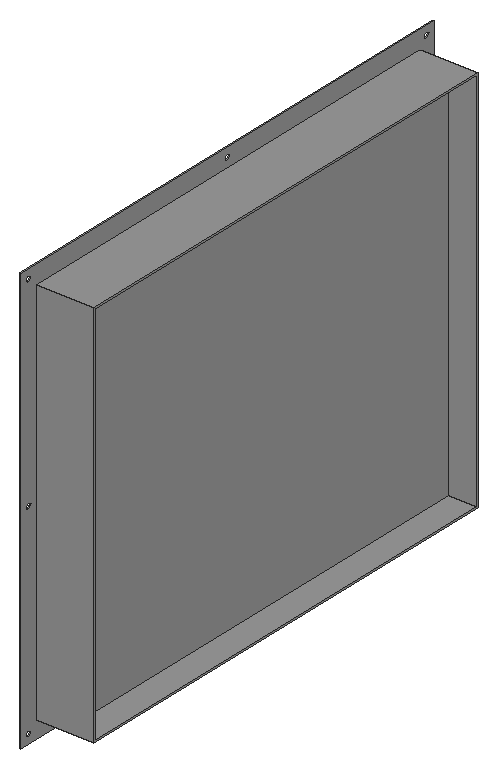
Revit family "КРД_Eng", category Duct Accessories, Revit 2021
Family settings
  Round Connector Dimension = Use Diameter
  Part Type = Attaches To
  Work Plane-Based = No
  Always vertical = Yes
  Cut with Voids When Loaded = No
  Shared = No
Parameters (values of type "KRD-1-800х650")
  With right flange = no
  Width = B  # 800 mm
  Pressure_Static_Air [instance] = 0.0 Pa
  Maximum Air Flow = 0.0 L/s
  Load Classification = "HVAC"
  Length = L  # 100 mm
  L = 100 mm  # constant formula
  Height = H  # 650 mm
  H = 650 mm
  Default Elevation = 0 mm
  Manufacturer = "Vents"  # constant formula
  p1 = H / 2 - H / 10  # 260 mm
  a1 = if(H > 500 mm, 30 mm, 20 mm)  # 30 mm
  a = if(H > 500 mm, 15 mm, 10 mm)  # 15 mm
  URL = "https://ventilation-system.com/series/krd"
  Maintenance zone material = none
  Hole = not(and(H < 400 mm, B < 400 mm))  # yes
  Casing Material = Steel, galvanized
  B = 800 mm
  Air Flow [instance] = 0.0 L/s
  09_System_Name [instance] = ""
  00_20_Type = "KRD-1-800х650"
  00_20_Name = "Pressure control valve"  # constant formula
  00_20_Manufacturer = "Vents"  # constant formula
Types (26, lengths in mm): name | With right flange | Width | Height | H | p1 | a1 | a | Hole | B | 00_20_Type
  (no name) | no | 800 | 650 | 650 | 260 | 30 | 15 | yes | 800 | "KRD-1-800х650"
  KRD-1-1000х1000 | no | 1000 | 1000 | 1000 | 400 | 30 | 15 | yes | 1000 | "KRD-1-1000х1000"
  KRD-1-425х425 | no | 425 | 425 | 425 | 170 | 20 | 10 | yes | 425 | "KRD-1-425х425"
  KRD-1-300х300 | no | 300 | 300 | 300 | 120 | 20 | 10 | no | 300 | "KRD-1-300х300"
  KRD-1-550х550 | no | 550 | 550 | 550 | 220 | 30 | 15 | yes | 550 | "KRD-1-550х550"
  KRD-1-600х175 | no | 600 | 175 | 175 | 70 | 20 | 10 | yes | 600 | "KRD-1-600х175"
  KRD-1-700х300 | no | 700 | 300 | 300 | 120 | 20 | 10 | yes | 700 | "KRD-1-700х300"
  KRD-1-800х800 | no | 800 | 800 | 800 | 320 | 30 | 15 | yes | 800 | "KRD-1-800х800"
  KRD-1-900х900 | no | 900 | 900 | 900 | 360 | 30 | 15 | yes | 900 | "KRD-1-900х900"
  KRD-1-200х300 | no | 200 | 300 | 300 | 120 | 20 | 10 | no | 200 | "KRD-1-200х300"
  KRD-1-300х175 | no | 300 | 175 | 175 | 70 | 20 | 10 | no | 300 | "KRD-1-300х175"
  KRD-1-675х675 | no | 675 | 675 | 675 | 270 | 30 | 15 | yes | 675 | "KRD-1-675х675"
  KRD-1-800х650 | no | 800 | 650 | 650 | 260 | 30 | 15 | yes | 800 | "KRD-1-800х650"
  KRD-1-200х200 | no | 200 | 200 | 200 | 80 | 20 | 10 | no | 200 | "KRD-1-200х200"
  KRD-2-200х200 | yes | 200 | 200 | 200 | 80 | 20 | 10 | no | 200 | "KRD-2-200х200"
  KRD-2-300х300 | yes | 300 | 300 | 300 | 120 | 20 | 10 | no | 300 | "KRD-2-300х300"
  KRD-2-400х400 | yes | 400 | 400 | 400 | 160 | 20 | 10 | yes | 400 | "KRD-2-400х400"
  KRD-1-400х400 | no | 400 | 400 | 400 | 160 | 20 | 10 | yes | 400 | "KRD-1-400х400"
  KRD-2-500х500 | yes | 500 | 500 | 500 | 200 | 20 | 10 | yes | 500 | "KRD-2-500х500"
  KRD-1-500х500 | no | 500 | 500 | 500 | 200 | 20 | 10 | yes | 500 | "KRD-1-500х500"
  KRD-2-600х600 | yes | 600 | 600 | 600 | 240 | 30 | 15 | yes | 600 | "KRD-2-600х600"
  KRD-1-600х600 | no | 600 | 600 | 600 | 240 | 30 | 15 | yes | 600 | "KRD-1-600х600"
  KRD-1-700х700 | no | 700 | 700 | 700 | 280 | 30 | 15 | yes | 700 | "KRD-1-700х700"
  KRD-2-700х700 | yes | 700 | 700 | 700 | 280 | 30 | 15 | yes | 700 | "KRD-2-700х700"
  KRD-2-800х800 | yes | 800 | 800 | 800 | 320 | 30 | 15 | yes | 800 | "KRD-2-800х800"
  KRD-2-900х900 | yes | 900 | 900 | 900 | 360 | 30 | 15 | yes | 900 | "KRD-2-900х900"
Reference planes
  plane 1 "По центру (Вперед/Назад)": y = 0
  plane 2: z = 0
  plane 3 "По центру (Влево/Вправо)": x = 0
  plane 4: y = 400
  plane 5: y = -400
  plane 6: z = 325
  plane 7: z = -325
  plane 8: y = 415
  plane 9: y = -415
  plane 10: z = 340
  plane 11: z = -340
Forms (mm)
  Extrusion 1, solid, material "Steel, galvanized" <- "Casing Material"
    sketch origin (0, 0, 0) x (0, 1, 0) y (0, 0, 1)
      loop
        line (400, 325) -> (-400, 325) -> (-400, -325) -> (400, -325) -> (400, 325)
      loop
        line (398, 323) -> (-398, 323) -> (-398, -323) -> (398, -323) -> (398, 323)
    from -50 to 50
  Extrusion 2, solid, material "Steel, galvanized" <- "Casing Material"
    sketch origin (0, 0, 0) x (0, 1, 0) y (0, 0, 1)
      loop
        line (400, 325) -> (-400, 325) -> (-400, -325) -> (400, -325) -> (400, 325)
      loop
        line (430, 355) -> (-430, 355) -> (-430, -355) -> (430, -355) -> (430, 355)
      loop
        circle (415, 340) r 5
      loop
        circle (-415, 340) r 5
      loop
        circle (-415, -340) r 5
      loop
        circle (415, -340) r 5
    from -50 to -48
  Extrusion 3, solid, material "Steel, galvanized" <- "Casing Material", visible <- "With right flange"
    sketch origin (0, 0, 0) x (0, 1, 0) y (0, 0, 1)
      loop
        line (400, -325) -> (400, 325) -> (-400, 325) -> (-400, -325) -> (400, -325)
      loop
        line (430, -355) -> (430, 355) -> (-430, 355) -> (-430, -355) -> (430, -355)
      loop
        circle (415, 340) r 5
      loop
        circle (-415, 340) r 5
      loop
        circle (415, -340) r 5
      loop
        circle (-415, -340) r 5
    from 48 to 50
  Extrusion 4, solid, material "Steel, galvanized" <- "Casing Material"
    sketch origin (0, 0, 0) x (0, 1, 0) y (0, 0, 1)
      loop
        line (398, 323) -> (-398, 323) -> (-398, -323) -> (398, -323) -> (398, 323)
    from -2 to 2
  Extrusion 5, void
    sketch origin (0, 0, 0) x (0, 1, 0) y (0, 0, 1)
      loop
        circle (415, 0) r 5
      loop
        circle (0, 340) r 5
      loop
        circle (-415, 0) r 5
      loop
        circle (0, -340) r 5
    from -50 to -48
  Extrusion 6, void
    sketch origin (0, 0, 0) x (0, 1, 0) y (0, 0, 1)
      loop
        circle (415, 0) r 5
      loop
        circle (0, 340) r 5
      loop
        circle (-415, 0) r 5
      loop
        circle (0, -340) r 5
    from 48 to 50
  Extrusion 7, solid, material "Steel, galvanized" <- "Casing Material"
    sketch origin (0, 0, 0) x (0, 1, 0) y (0, 0, 1)
      loop
        line (37.5, -323) -> (37.5, -248) -> (-37.5, -248) -> (-37.5, -323) -> (37.5, -323)
    from -40 to -2
  Extrusion 8, solid, material "Steel, galvanized" <- "Casing Material"
    sketch origin (0, 0, 0) x (0, 1, 0) y (0, 0, 1)
      loop
        line (5, -248) -> (5, 260) -> (-5, 260) -> (-5, -248) -> (5, -248)
    from -12 to -2
Cuts and joins
  Extrusion 5 cuts Extrusion 2
  Extrusion 6 cuts Extrusion 3
Dimensions and locks
  equal spacing: plane 4, plane 1 "По центру (Вперед/Назад)", plane 5
  "B": plane 4 to plane 5
  equal spacing: plane 6, level, plane 7
  "H": plane 6 to plane 7
  locked: Extrusion 1 sketch curve to Extrusion 1 sketch curve at 2  (x2)
  locked: plane 6 to Extrusion 1 sketch curve at 2
  locked: Extrusion 1 sketch curve to plane 7 at 2
  "a1": Extrusion 2 sketch curve to Extrusion 2 sketch curve  (x4)
  locked: Extrusion 2 to Extrusion 2 at 2
  "a1": Extrusion 3 sketch curve to Extrusion 3 sketch curve  (x4)
  locked: Extrusion 3 to Extrusion 3 at 2
  "a": plane 8 to plane 4
  "a": plane 5 to plane 9
  "a": plane 10 to plane 6
  "a": plane 7 to plane 11
  "L": Extrusion 2 to Extrusion 3
  locked: Extrusion 4 sketch curve to plane 7 at 2
  locked: plane 6 to Extrusion 4 sketch curve at 2
  locked: plane 4 to Extrusion 4 sketch curve at 2
  locked: Extrusion 4 sketch curve to plane 5 at 2
  equal spacing: Extrusion 2, plane 3 "По центру (Влево/Вправо)", Extrusion 3
  locked: Extrusion 7 sketch curve to Extrusion 7 sketch curve at 75
  locked: Extrusion 7 sketch curve to Extrusion 1 at 75
  locked: Extrusion 7 to Extrusion 4 at 38
  equal spacing: Extrusion 7 sketch curve, plane 1 "По центру (Вперед/Назад)", Extrusion 7 sketch curve
  "p1": Extrusion 8 sketch curve to level
  locked: Extrusion 8 sketch curve to Extrusion 8 sketch curve at 10
  equal spacing: Extrusion 8 sketch curve, plane 1 "По центру (Вперед/Назад)", Extrusion 8 sketch curve
  locked: Extrusion 8 to Extrusion 4 at 10
  aligned and locked: level to plane 2
  aligned and locked: plane 6 to Extrusion 1 sketch curve
  aligned and locked: plane 4 to Extrusion 1 sketch curve
  aligned and locked: Extrusion 1 sketch curve to plane 7
  aligned and locked: Extrusion 1 sketch curve to plane 5
  aligned and locked: plane 6 to Extrusion 2 sketch curve
  aligned and locked: plane 4 to Extrusion 2 sketch curve
  aligned and locked: Extrusion 2 sketch curve to plane 7
  aligned and locked: Extrusion 2 sketch curve to plane 5
  aligned and locked: Extrusion 2 to Extrusion 1
  aligned and locked: plane 7 to Extrusion 3 sketch curve
  aligned and locked: Extrusion 3 sketch curve to plane 4
  aligned and locked: Extrusion 3 sketch curve to plane 6
  aligned and locked: plane 5 to Extrusion 3 sketch curve
  aligned and locked: Extrusion 3 to Extrusion 1
  aligned and locked: Extrusion 5 to Extrusion 1
  aligned and locked: Extrusion 2 to Extrusion 5
  aligned and locked: Extrusion 6 to Extrusion 1
  aligned and locked: Extrusion 3 to Extrusion 6
  aligned and locked: Extrusion 1 to Extrusion 7 sketch curve
  aligned and locked: Extrusion 7 to Extrusion 4
  aligned and locked: Extrusion 7 to Extrusion 8 sketch curve
  aligned and locked: Extrusion 8 to Extrusion 4
Automatic sketch dimensions
  Extrusion 5 sketch curve to level = 0 mm  (x2)
  Extrusion 5 sketch curve to plane 9 = 0 mm
  Extrusion 5 sketch curve to plane 1 "По центру (Вперед/Назад)" = 0 mm  (x2)
  Extrusion 5 sketch curve to plane 8 = 0 mm
  Extrusion 5 sketch curve to plane 11 = 0 mm
  Extrusion 5 sketch curve to plane 10 = 0 mm
  Extrusion 6 sketch curve to level = 0 mm  (x2)
  Extrusion 6 sketch curve to plane 9 = 0 mm
  Extrusion 6 sketch curve to plane 1 "По центру (Вперед/Назад)" = 0 mm  (x2)
  Extrusion 6 sketch curve to plane 8 = 0 mm
  Extrusion 6 sketch curve to plane 11 = 0 mm
  Extrusion 6 sketch curve to plane 10 = 0 mm
  Extrusion 2 sketch curve to plane 9 = 0 mm  (x2)
  Extrusion 2 sketch curve to plane 8 = 0 mm  (x2)
  Extrusion 2 sketch curve to plane 11 = 0 mm
  plane 11 to Extrusion 2 sketch curve = 0 mm
  plane 10 to Extrusion 2 sketch curve = 0 mm
  Extrusion 2 sketch curve to plane 10 = 0 mm
  Extrusion 3 sketch curve to plane 9 = 0 mm  (x2)
  Extrusion 3 sketch curve to plane 8 = 0 mm  (x2)
  plane 11 to Extrusion 3 sketch curve = 0 mm
  Extrusion 3 sketch curve to plane 11 = 0 mm
  plane 10 to Extrusion 3 sketch curve = 0 mm
  Extrusion 3 sketch curve to plane 10 = 0 mm
  radius of Extrusion 5 sketch curve = 5 mm  (x4)
  radius of Extrusion 6 sketch curve = 5 mm  (x4)
  radius of Extrusion 2 sketch curve = 5 mm  (x4)
  radius of Extrusion 3 sketch curve = 5 mm  (x4)
Connectors
  hvac at (-50, 0, 0), driven by "H", driven by "B"
    settings: on Extrusion 1, index 1, duct flow 0.0 L/s, flow factor 0, pres drop 0.0 Pa, loss coef 0, conn angle 0.00°, conn width 800 mm, conn height 650 mm, conn diameter 609.6 mm, duct sys type 3, conn prof type 1, flow config 0, flow direction 1, loss method 0, conn ref index -1, conn util no, is conn primary yes, conn desc ""
  hvac at (50, 0, 0), driven by "H", driven by "B"
    settings: on Extrusion 1, index 2, duct flow 0.0 L/s, flow factor 0, pres drop 0.0 Pa, loss coef 0, conn angle 0.00°, conn width 800 mm, conn height 650 mm, conn diameter 609.6 mm, duct sys type 3, conn prof type 1, flow config 0, flow direction 2, loss method 0, conn ref index -1, conn util no, is conn primary no, conn desc ""
